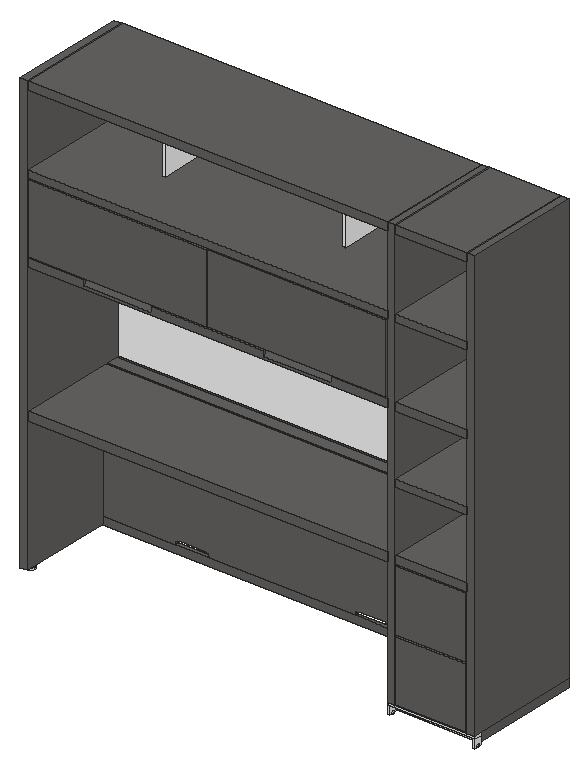
Revit family "Storage-Wall-Teknion-ZXRO_90_High_With_Lights-R2011", category Furniture Systems, Revit 2013
Parameters (values of type "(See Type Catalog)")
  Working Wall Finish [instance] = Glass - Teknion - K6 - White Backpainted
  Width = 92.642"
  Warranty = "http://www.teknionstudio.com/pdfs/Teknion%20Studio%20Warranty.pdf"
  Wall Unit Finish [instance] = Veneer - Teknion - P7 - Grey Oak
  Voltage = 120 V
  Unit Weight = 755.00 lbf
  URL = "www.teknionstudio.com"
  Storage Tower = Storage-Unit-Teknion-Tower : Upper Shelves & File/File Pedestal
  Series = "B&B Italia"
  Product Page URL = "http://www.teknionstudio.com/acexecutive/"
  Product Line = "AC Executive"
  Product Documentation Link = "http://www.teknionstudio.com/pricing/ac_executive_storage_walls_ppg.pdf"
  Power Factor = 1
  Part Number = "ZXRO"
  Number of Poles = 1
  Model = ""
  Manufacturer Phone = "919-464-2920"
  Manufacturer Fax = "919-464-2927"
  Manufacturer Email = "customersupport@teknionstudio.com"
  Manufacturer Address = "3940 US 70 Business HWY West, Clayton, NC 27520"
  Manufacturer = "Teknion Studio"  # constant formula
  Low Emitting Material = yes
  Low Emitting Finish = yes
  Height = 90"
  Description = ""
  Depth = 24"
  Assembly Code = "E2020200"
  Apparent Load = 22.8 VA
Reference planes (in)
  plane 1 "Center F/B": y = 0
  plane 2: z = 0
  plane 3 "Center L/R": x = 0
  plane 4 "Left": x = -46.321
  plane 5 "Right": x = 46.321
  plane 6 "Back": y = 12
  plane 7 "Front": y = -12
  plane 8 "Top": z = 73.84375
  plane 9: x = 28.60446
  plane 10: z = 29.68402
  plane 11: z = 56.1289
  plane 12: x = -44.7815
  plane 13: z = 2.1289
  plane 14: x = -8.08858
  plane 15 "Foot Centerline": y = -11.2126
  plane 16 "Foot Centerline Front": y = -10.22835
  plane 17 "Foot Centerline Back": y = 10.22835
  plane 18: y = -8.484
  plane 19: z = 90
Forms (in)
  Sweep 1, solid, material "Veneer - Teknion - P7 - Grey Oak" <- "Wall Unit Finish"
    path origin (0, 0, 15.40683) x (-1, 0, 0) y (0, -1, 0)
      loop
        line (0, -12) -> (0, 12)
    profile origin (0, 0, 15.40683) x (1, 0, 0) y (0, 0, 1)
      loop
        line (-46.321, -14.81732) -> (-44.7815, -14.81732) -> (-44.7815, 74.59317) -> (-46.321, 74.59317) -> (-46.321, -14.81732)
  Sweep 2, solid, material "Veneer - Teknion - P7 - Grey Oak" <- "Wall Unit Finish"
    path origin (0, 0, 0) x (1, 0, 0) y (0, 0, 1)
      loop
        line (-44.7815, 29.68402) -> (28.60446, 29.68402)
    profile origin (-8.08852, 0, 29.68402) x (0, 0, 1) y (0, -1, 0)
      loop
        line (0, 12) -> (-1.7638, 12) -> (-1.7638, -7.11393) -> (-5.30827, -7.11393) -> (-5.30827, -7.08268) -> (-27.55512, -7.08268) -> (-27.55512, -7.11393) -> (-29.0945, -7.11393) -> (-29.0945, -7.80668) -> (-5.30828, -7.80668) -> (-5.30828, -12) -> (44.15973, -12) -> (44.15973, 12) -> (42.62003, 12) -> (42.62003, 11.2126) -> (27.98392, 11.2126) -> (27.98392, 12) -> (26.44488, 12) -> (26.44488, -10.94094) -> (0, -10.94094) -> (0, -10.90969) -> (-0.72441, -10.90969) -> (-0.72441, -10.56693) -> (0, -10.56693) -> (0, -8.05709) -> (-0.72441, -8.05709) -> (-0.72441, -7.80709) -> (0, -7.80709) -> (0, 12)
      loop
        line (60.31598, 12) -> (58.77661, 12) -> (58.77661, -12) -> (60.31598, -12) -> (60.31598, 12)
  Sweep 3, solid, material "Veneer - Teknion - P7 - Grey Oak" <- "Wall Unit Finish"
    path origin (0, 0, 15.40683) x (-1, 0, 0) y (0, -1, 0)
      loop
        line (0, 12) -> (0, 11.276)
    profile origin (0, -11.638, 15.40683) x (-1, 0, 0) y (0, 0, 1)
      loop
        line (44.5315, 42.54092) -> (44.5315, 56.64722) -> (8.21358, 56.64722) -> (8.21358, 42.54092) -> (44.5315, 42.54092)
      loop
        line (7.96358, 56.64722) -> (-28.35446, 56.64722) -> (-28.35446, 42.54092) -> (7.96358, 42.54092) -> (7.96358, 56.64722)
  Sweep 4, void
    path origin (0, 0, 0) x (1, 0, 0) y (0, 0, 1)
      loop
        line (-33.3248, 56.1289) -> (-19.54528, 56.1289)
    profile origin (-26.43504, 0, 56.1289) x (0, 0, 1) y (0, -1, 0)
      loop
        line (1.53937, 12) -> (0.43699, 12) -> (1.53937, 11.52755) -> (1.53937, 12)
  Sweep 5, void
    path origin (0, 0, 0) x (1, 0, 0) y (0, 0, 1)
      loop
        line (3.36811, 56.1289) -> (17.14764, 56.1289)
    profile origin (10.25787, 0, 56.1289) x (0, 0, 1) y (0, -1, 0)
      loop
        line (1.53937, 11.52755) -> (1.53937, 12) -> (0.43699, 12) -> (1.53937, 11.52755)
  Sweep 6, void
    path origin (0, 0, 15.40683) x (-1, 0, 0) y (0, -1, 0)
      loop
        line (0, -7.80668) -> (0, -7.08268)
    profile origin (0, 7.44468, 15.40683) x (1, 0, 0) y (0, 0, 1)
      loop
        line (13.68307, 8.96892) -> (6.79331, 8.96892) -> (6.79331, 8.10396)
        arc (6.79331, 8.10396) -> (7.02393, 7.54718) -> (7.58071, 7.31655) r 0.7874
        line (7.58071, 7.31655) -> (12.89567, 7.31655)
        arc (12.89567, 7.31655) -> (13.45245, 7.54718) -> (13.68307, 8.10396) r 0.7874
        line (13.68307, 8.10396) -> (13.68307, 8.96892)
      loop
        line (6.79331, -13.27793) -> (13.68307, -13.27793) -> (13.68307, -13.12045)
        arc (13.68307, -13.12045) -> (13.46398, -12.59152) -> (12.93504, -12.37242) r 0.74803
        line (12.93504, -12.37242) -> (7.54134, -12.37242)
        arc (7.54134, -12.37242) -> (7.0124, -12.59152) -> (6.79331, -13.12045) r 0.74803
        line (6.79331, -13.12045) -> (6.79331, -13.27793)
      loop
        line (-29.86024, 8.96892) -> (-29.86024, 8.10396)
        arc (-29.86024, 8.10396) -> (-29.62961, 7.54718) -> (-29.07283, 7.31655) r 0.7874
        line (-29.07283, 7.31655) -> (-23.75787, 7.31655)
        arc (-23.75787, 7.31655) -> (-23.2011, 7.54718) -> (-22.97047, 8.10396) r 0.7874
        line (-22.97047, 8.10396) -> (-22.97047, 8.96892) -> (-29.86024, 8.96892)
      loop
        line (-22.97047, -13.27793) -> (-22.97047, -13.12045)
        arc (-22.97047, -13.12045) -> (-23.18957, -12.59152) -> (-23.7185, -12.37242) r 0.74803
        line (-23.7185, -12.37242) -> (-29.1122, -12.37242)
        arc (-29.1122, -12.37242) -> (-29.64114, -12.59152) -> (-29.86024, -13.12045) r 0.74803
        line (-29.86024, -13.12045) -> (-29.86024, -13.27793) -> (-22.97047, -13.27793)
  Revolve 7, solid, material "Metal - Teknion - C6 - Chrome"
    sketch origin (0, -10.22835, 0) x (0, 0, 1) y (1, 0, 0)
      loop
        line (0, -45.55118) -> (0, -46.28917) -> (0.23622, -46.28917) -> (0.23622, -45.83352) -> (0.58951, -45.83352) -> (0.58951, -45.55118) -> (0, -45.55118)
      axis (0, -45.55118) -> (0.58951, -45.55118)
    angle from 0 to 360
  Revolve 8, solid, material "Metal - Teknion - C6 - Chrome"
    sketch origin (0, 10.22835, 0) x (0, 0, 1) y (1, 0, 0)
      loop
        line (0, -45.55118) -> (0, -46.28917) -> (0.23622, -46.28917) -> (0.23622, -45.83352) -> (0.58951, -45.83352) -> (0.58951, -45.55118) -> (0, -45.55118)
      axis (0, -45.55118) -> (0.58951, -45.55118)
    angle from 0 to 360
  Sweep 9, solid, material "Acrylic - Teknion - Clear"
    path origin (1.66728, 0, 16.32084) x (-1, 0, 0) y (0, -1, 0)
      loop
        line (1.66728, -11.25197) -> (1.66728, 0.16535)
    profile origin (0, 5.54331, 16.32084) x (1, 0, 0) y (0, 0, 1)
      loop
        line (-26.74557, 72.12961) -> (-26.74557, 57.52291) -> (-26.15108, 57.52291) -> (-26.15108, 72.12961) -> (-26.74557, 72.12961)
      loop
        line (9.97392, 72.12961) -> (9.97392, 57.52291) -> (10.56841, 57.52291) -> (10.56841, 72.12961) -> (9.97392, 72.12961)
Cuts and joins
  Sweep 4, Sweep 5, Sweep 6 cuts Sweep 2
Lines and regions (in)
  Masking region 1
    outline origin (0, 0, 15.40683) x (-1, 0, 0) y (0, -1, 0)
      loop
        line (46.321, -12) -> (46.321, 12) -> (-28.60446, 12) -> (-28.60446, -12) -> (46.321, -12)
  symbolic lines, style "Elevation Swing"
    curve 1: line (-44.7815, -12, 57.66827) -> (-26.43504, -12, 72.05405)
    curve 2: line (-8.08858, -12, 57.66832) -> (-26.43504, -12, 72.05405)
    curve 3: line (-8.08858, 0, 57.66832) -> (10.25794, 0, 72.22564)
    curve 4: line (10.25794, 0, 72.22564) -> (28.60446, 0, 57.66827)
  symbolic lines, detail levels medium+fine
    curve 5: line (-44.7815, 12, 15.40683) -> (-44.7815, -12, 15.40683)
  symbolic lines, style "FurnitureSystemsHiddenLines", detail levels fine
    curve 6: line (28.60446, -11.276, 15.40683) -> (-44.7815, -11.276, 15.40683)
Dimensions and locks (in)
  equal spacing: plane 4 "Left", plane 3 "Center L/R", plane 5 "Right"
  "Width": plane 4 "Left" to plane 5 "Right"
  equal spacing: plane 6 "Back", plane 1 "Center F/B", plane 7 "Front"
  "Depth": plane 6 "Back" to plane 7 "Front"
  locked: plane 9 to plane 5 "Right" at 17.71654
  locked: plane 10 to plane 2 at 29.68402
  locked: plane 11 to plane 10 at 26.44488
  locked: plane 13 to plane 2 at 2.1289
  locked: plane 7 "Front" to plane 15 "Foot Centerline" at 0.7874
  locked: plane 13 to Sweep 2 sketch curve at 1.53939
  locked: plane 10 to Sweep 2 sketch curve at 1.7638
  locked: Sweep 1 sketch curve to plane 2 at 0.58951
  locked: plane 14 to plane 3 "Center L/R" at 8.08858
  locked: plane 7 "Front" to Sweep 3 sketch curve at 0.724
  plane 8 "Top" to Sweep 3 sketch curve to Sweep 3 sketch curve = 1.7897", 14.1063"  (x2)
  Sweep 3 sketch curve to plane 3 "Center L/R" to Sweep 3 sketch curve to Sweep 3 sketch curve to Sweep 3 sketch curve = 28.35446", 7.96358", 1/4", 36.31791"
  Sweep 4 sketch curve to Sweep 4 sketch curve to plane 4 "Left" = 13.77953" locked, 12.9962" locked
  locked: Sweep 4 sketch curve to plane 11 at 1.53937
  locked: Sweep 4 sketch curve to plane 11 at 0.43699
  locked: plane 7 "Front" to Sweep 4 sketch curve at 0.47245
  Sweep 5 sketch curve to Sweep 5 sketch curve to plane 11 = 1.10238" locked, 0.43699" locked
  locked: plane 7 "Front" to Sweep 5 sketch curve at 0.47245
  locked: Sweep 6 sketch curve to plane 13 at 0.90551  (x2)
  Sweep 6 sketch curve to Sweep 6 sketch curve to plane 3 "Center L/R" = 6.88976" locked, 6.79331" locked  (x2)
  plane 10 to Sweep 6 sketch curve to Sweep 6 sketch curve = 5.30827" locked, 1 167/256" locked  (x2)
  plane 6 "Back" to Sweep 6 sketch curve to Sweep 6 sketch curve = 4.19332" locked, 0.724" locked
  locked: Revolve 7 sketch curve to plane 4 "Left" at 0.76982
  Revolve 7 sketch curve to Revolve 7 sketch curve to plane 2 = 0.35329" locked, 0.23622" locked
  locked: Revolve 7 sketch curve to plane 4 "Left" at 0.03183
  locked: Revolve 8 sketch curve to plane 4 "Left" at 0.76982
  Revolve 8 sketch curve to Revolve 8 sketch curve to plane 2 = 0.35329" locked, 0.23622" locked
  locked: Revolve 8 sketch curve to plane 4 "Left" at 0.03183
  equal spacing: plane 14, curve 2, plane 12
  equal spacing: plane 9, curve 4, plane 14
  locked: plane 7 "Front" to curve 6 at 0.724
  locked: plane 6 "Back" to plane 17 "Foot Centerline Back" at 1.77165
  locked: plane 7 "Front" to plane 16 "Foot Centerline Front" at 1.77165
  locked: plane 4 "Left" to plane 12 at 1.5395
  locked: plane 7 "Front" to plane 18 at 3.516
  locked: Sweep 6 sketch curve to Sweep 6 sketch curve at 6.88976  (x2)
  locked: Sweep 6 sketch curve to plane 3 "Center L/R" at 22.97047
  locked: plane 3 "Center L/R" to Sweep 6 sketch curve at 22.97047
  locked: plane 19 to plane 8 "Top" at 16.15625
  "Height": plane 19 to plane 2
  locked: Sweep 9 sketch curve to Sweep 9 sketch curve at 11.41732
  locked: Sweep 9 sketch curve to Sweep 9 sketch curve at 0.59449  (x2)
  locked: plane 6 "Back" to Sweep 9 sketch curve at 0.74803
  locked: Sweep 9 sketch curve to plane 14 at 18.0625
  equal spacing: Sweep 9 sketch curve, plane 14, Sweep 9 sketch curve
  locked: plane 19 to Sweep 2 sketch curve at 1.53937
  locked: plane 8 "Top" to Sweep 2 sketch curve at 1.5397
  locked: Sweep 2 sketch curve to plane 11 at 1.53904
  aligned and locked: level to plane 2
  aligned and locked: nested 1 to plane 5 "Right"
  aligned and locked: plane 6 "Back" to Sweep 1 sketch curve
  aligned and locked: plane 7 "Front" to Sweep 1 sketch curve
  aligned and locked: Sweep 1 sketch curve to plane 3 "Center L/R"
  aligned and locked: plane 4 "Left" to Sweep 1 sketch curve  (x2)
  aligned and locked: plane 12 to Sweep 2 sketch curve
  aligned and locked: plane 9 to Sweep 2 sketch curve
  aligned and locked: Sweep 2 sketch curve to plane 10  (x4)
  aligned and locked: Sweep 2 sketch curve to plane 7 "Front"
  aligned and locked: plane 6 "Back" to Sweep 2 sketch curve
  aligned and locked: plane 3 "Center L/R" to Sweep 3 sketch curve
  aligned and locked: plane 7 "Front" to Sweep 3 sketch curve
  aligned and locked: Sweep 2 sketch curve to plane 11
  aligned and locked: Sweep 4 sketch curve to plane 11
  aligned and locked: Sweep 5 sketch curve to plane 11
  aligned and locked: Sweep 5 sketch curve to plane 7 "Front"
  aligned and locked: Sweep 6 sketch curve to plane 3 "Center L/R"
  aligned and locked: Sweep 6 sketch curve to plane 13
  aligned and locked: plane 2 to Revolve 7 sketch curve
  aligned and locked: Revolve 8 sketch curve to plane 2
  aligned and locked: plane 12 to curve 1
  aligned and locked: plane 14 to curve 2
  aligned and locked: Sweep 3 to curve 2
  aligned and locked: plane 9 to curve 4
  aligned and locked: plane 14 to curve 3
  aligned and locked: Masking region 1 sketch curve to plane 6 "Back"
  aligned and locked: plane 4 "Left" to Masking region 1 sketch curve
  aligned and locked: Masking region 1 sketch curve to plane 7 "Front"
  aligned and locked: Masking region 1 sketch curve to nested 1
  aligned and locked: plane 6 "Back" to curve 5
  aligned and locked: plane 7 "Front" to curve 5
  aligned and locked: curve 5 to plane 12
  aligned and locked: plane 9 to curve 6
  aligned and locked: plane 7 "Front" to Sweep 4 sketch curve
  aligned and locked: Sweep 2 sketch curve to plane 8 "Top"
  aligned and locked: plane 15 "Foot Centerline" to Sweep 2 sketch curve
  aligned and locked: plane 7 "Front" to Sweep 2 sketch curve  (x3)
  aligned and locked: plane 2 to nested 1
  aligned and locked: plane 1 "Center F/B" to nested 1
  aligned: plane 11 to nested 2
  aligned: plane 14 to nested 2
  aligned and locked: nested 2 to plane 18
  aligned and locked: plane 11 to nested 2
  aligned and locked: plane 14 to nested 2
  aligned and locked: plane 13 to Sweep 6 sketch curve
  aligned and locked: Sweep 9 sketch curve to plane 3 "Center L/R"
  aligned and locked: plane 8 "Top" to Sweep 9 sketch curve  (x2)
  aligned and locked: Sweep 2 sketch curve to plane 6 "Back"
  aligned and locked: plane 19 to Sweep 2 sketch curve
  aligned and locked: Sweep 1 sketch curve to plane 19
Automatic sketch dimensions
  Sweep 1 sketch curve to Sweep 1 sketch curve = 1.5395"
  plane 3 "Center L/R" to Sweep 5 sketch curve = 3.36811"
  Sweep 5 sketch curve to plane 9 = 11.45683"
  Revolve 7 sketch curve to level = 0"
  Revolve 7 sketch curve to Revolve 7 sketch curve = 0"  (x2)
  Revolve 7 sketch curve to Revolve 7 sketch curve = 0.28234"
  Revolve 8 sketch curve to level = 0"
  Revolve 8 sketch curve to Revolve 8 sketch curve = 0"  (x2)
  Revolve 8 sketch curve to Revolve 8 sketch curve = 0.28234"
  plane 11 to curve 2 = 1.53942"
  plane 11 to curve 1 = 1.53937"
  plane 11 to curve 4 = 1.53937"
  plane 11 to curve 3 = 1.53942"
  curve 3 to plane 8 "Top" = 1.61811"
  Sweep 6 sketch curve to Sweep 6 sketch curve = 0.7874"  (x4)
  Sweep 6 sketch curve to Sweep 6 sketch curve = 0.74803"  (x3)
  Sweep 6 sketch curve to Sweep 6 sketch curve = 0.15748"
  Sweep 9 sketch curve to Sweep 9 sketch curve = 14.60669"  (x2)
  Sweep 2 sketch curve to Sweep 2 sketch curve = 1.53939"
  Sweep 2 sketch curve to Sweep 2 sketch curve = 3.54449"
  Sweep 2 sketch curve to Sweep 2 sketch curve = 0"
  profile plane to Sweep 2 sketch curve = 0.72441"  (x2)
  Sweep 2 sketch curve to plane 1 "Center F/B" = 10.94094"
  Sweep 2 sketch curve to Sweep 2 sketch curve = 1/32"  (x2)
  Sweep 2 sketch curve to Sweep 2 sketch curve = 0.34277"
  Sweep 2 sketch curve to Sweep 2 sketch curve = 2.50984"
  Sweep 2 sketch curve to Sweep 2 sketch curve = 1/4"
  Sweep 2 sketch curve to Sweep 2 sketch curve = 4.19332"
  Sweep 2 sketch curve to Sweep 2 sketch curve = 0.69316"
  Sweep 2 sketch curve to Sweep 2 sketch curve = 0.69275"
Nested families (in)
  nested 1: "Storage-Unit-Teknion-Tower" at (37.46273, 0, 0), type <- "Storage Tower", Height <- "Height", type "Upper Shelves & File/File Pedestal"
    with Height 90", Has Top Shelf yes, Bottom Drawer Height 13.047"
  nested 2: "Lighting-Teknion-Storage_Wall" at (-8.08858, 0.12401, 56.1289), type "Lighting-Teknion-Storage_Wall"
Connectors (in)
  electrical at (-8.08852, 12, 49.10974), driven by "Number of Poles", driven by "Voltage", driven by "Apparent Load", driven by "Power Factor"
    settings: on cut or joined group of Sweep 2, Sweep 4, Sweep 5, Sweep 6, index 1, voltage 120 V, apparent load 0 VA, apparent load phase1 22.8 VA, apparent load phase2 0 VA, apparent load phase3 0 VA, power factor 1, load classification "Other", number of poles 1, system type 31, power factor state 1, is connector primary yes, connector utility no, sub classification motor no, connector description "Electrical Connector"
Definition of nested family "Storage-Unit-Teknion-Tower"
  Parameters (values of type "Upper Wardrobe & Lower Door")
    Width = 17.71654"
    Warranty = "http://www.teknionstudio.com/pdfs/Teknion%20Studio%20Warranty.pdf"
    Wall Unit Finish = Veneer - Teknion - P8 - Light Brushed Oak
    URL = "www.teknionstudio.com"
    Series = "B&B Italia"
    Product Line = "AC Executive"
    Model = ""
    Middle Drawer Height = if(Has Top Drawer, 6.425", 12.719")  # 12.719"
    Manufacturer Phone = "919-464-2920"
    Manufacturer Fax = "919-464-2927"
    Manufacturer Email = "customersupport@teknionstudio.com"
    Manufacturer Address = "3940 US 70 Business HWY West, Clayton, NC 27520"
    Manufacturer = "Teknion Studio"  # constant formula
    Height [instance] = 73.81394"
    Has Top Shelf [instance] = and(Height > 75", Has Shelves)  # no
    Has Top Drawer = no
    Has Top Door = yes
    Has Shelves = no
    Has Right Leg = yes
    Has Middle Drawer = no
    Has Lower Shelf = yes
    Has Left Leg = yes
    Has Full Wardrobe Door = no
    Has Doors = yes
    Door Projection Symbol = yes
    Description = "Tower Storage Unit"
    Depth = 24"
    Bottom Drawer Height [instance] = if(Has Middle Drawer, 13.047", if(Has Top Drawer, 13.047", if(Has Full Wardrobe Door, (Height - 3.668"), 26.016")))  # 26.016"
    Assembly Code = "E2010200"
  Types (7): name | Wall Unit Finish | Series | Product Line | Middle Drawer Height | Has Top Drawer | Has Top Door | Has Shelves | Has Middle Drawer | Has Lower Shelf | Has Full Wardrobe Door | Has Doors | Door Projection Symbol | Bottom Drawer Height
    Upper Shelves & Lower Door | none | "AC Executive" | "" | 12.719" | no | no | yes | no | yes | no | yes | yes | 26.016"
    Upper Shelves & File/File Pedestal | none | "AC Executive" | "" | 12.719" | no | no | yes | yes | yes | no | no | no | 13.047"
    Upper Shelves & Box/Box/File Pedestal | Veneer - Teknion - P8 - Light Brushed Oak | "AC Executive" | "" | 6.425" | yes | no | yes | yes | yes | yes | no | no | 13.047"
    Full Wardrobe | none | "AC Executive" | "" | 12.719" | no | no | no | no | no | yes | yes | yes | 70.14594"
    Upper Wardrobe & Lower Door | Veneer - Teknion - P8 - Light Brushed Oak | "B&B Italia" | "AC Executive" | 12.719" | no | yes | no | no | yes | no | yes | yes | 26.016"
    Upper Wardrobe & File/File Pedestal | none | "AC Executive" | "" | 12.719" | no | yes | no | yes | yes | no | no | yes | 13.047"
    Upper Wardrobe & Box/Box/File Pedestal | none | "AC Executive" | "" | 6.425" | yes | yes | no | yes | yes | no | no | yes | 13.047"
  Reference planes (in)
    plane 1 "Center F/B": y = 0
    plane 2: z = 0
    plane 3 "Center L/R": x = 0
    plane 4 "Left": x = -8.85827
    plane 5 "Right": x = 8.85827
    plane 6 "Back": y = 12
    plane 7 "Front": y = -12
    plane 8 "Top": z = 73.81394
    plane 9: x = -7.3189
    plane 10: x = 7.3189
    plane 11: z = 2.1289
    plane 12 "Foot Centerline": y = -11.2126
    plane 13: z = 29.68402
    plane 14 "Drawer 1 Top": z = 28.1449
    plane 15 "Drawer 2 Top": z = 40.8639
    plane 16 "Drawer 3 Top": z = 27.89502
    plane 17: z = 42.13677
  Forms (in)
    Sweep 1, solid, material "Metal - Teknion - C6 - Chrome", visible <- "Has Left Leg"
      path origin (0, -12, 0) x (1, 0, 0) y (0, 0, 1)
        loop
          line (-8.85827, 1.7349) -> (-8.85827, 0.05803)
      profile origin (-8.85827, -12, 0.89646) x (0, -1, 0) y (1, 0, 0)
        loop
          line (-1.5748, 0) -> (0, 0) -> (0, 0.394) -> (-1.5748, 0.394) -> (-1.5748, 0)
    Sweep 2, solid, material "Metal - Teknion - C6 - Chrome"
      path origin (0, -12, 0) x (1, 0, 0) y (0, 0, 1)
        loop
          line (-8.46427, 2.1289) -> (8.46427, 2.1289)
      profile origin (0, -12, 2.1289) x (0, 0, 1) y (0, -1, 0)
        loop
          line (-0.394, -1.5748) -> (-0.394, -1.3778) -> (-1.575, -1.3778) -> (-1.575, -1.5748) -> (-0.394, -1.5748)
    Revolve 3, solid, material "Metal - Teknion - C6 - Chrome"
      sketch origin (0, -11.2126, 0) x (0, 0, -1) y (1, 0, 0)
        loop
          line (-0.4911, 8.32677) -> (-0.45173, 8.2874) -> (-0.28492, 8.2874) -> (-0.24555, 8.32677) -> (-0.20618, 8.2874) -> (-0.03937, 8.2874) -> (0, 8.32677) -> (0, 8.66142) -> (-0.4911, 8.66142) -> (-0.4911, 8.32677)
        axis (0, 8.66142) -> (-0.4911, 8.66142)
      angle from 0 to 360
    Revolve 4, solid, material "Metal - Teknion - C6 - Chrome", visible <- "Has Left Leg"
      sketch origin (0, -11.2126, 0) x (0, 0, -1) y (1, 0, 0)
        loop
          line (0, -8.99606) -> (0, -8.66142) -> (-0.4911, -8.66142) -> (-0.4911, -8.99606) -> (-0.45173, -9.03543) -> (-0.28492, -9.03543) -> (-0.24555, -8.99606) -> (-0.20618, -9.03543) -> (-0.03937, -9.03543) -> (0, -8.99606)
        axis (0, -8.66142) -> (-0.4911, -8.66142)
      angle from 0 to 360
    Sweep 5, solid, material "Veneer - Teknion - P8 - Light Brushed Oak" <- "Wall Unit Finish"
      path origin (0, 0, 0) x (1, 0, 0) y (0, 0, 1)
        loop
          line (0, 2.1289) -> (0, 73.81394)
      profile origin (0, 0, 37.97142) x (-1, 0, 0) y (0, -1, 0)
        loop
          line (8.85827, -12) -> (8.85827, 12) -> (7.3189, 12) -> (7.3189, -12) -> (8.85827, -12)
        loop
          line (-7.3189, 12) -> (-8.85827, 12) -> (-8.85827, -12) -> (-7.3189, -12) -> (-7.3189, 12)
    Sweep 6, solid, material "Veneer - Teknion - P8 - Light Brushed Oak" <- "Wall Unit Finish"
      path origin (0, 0, 15.40683) x (-1, 0, 0) y (0, -1, 0)
        loop
          line (0, -12) -> (0, 12)
      profile origin (0, 0, 15.40683) x (1, 0, 0) y (0, 0, 1)
        loop
          line (-7.3189, 58.4071) -> (-7.3189, 56.86773) -> (7.3189, 56.86773) -> (7.3189, 58.4071) -> (-7.3189, 58.4071)
    Sweep 7, solid, material "Veneer - Teknion - P8 - Light Brushed Oak" <- "Wall Unit Finish"
      path origin (0, -12, 0) x (1, 0, 0) y (0, 0, 1)
        loop
          line (0, 2.1289) -> (0, 72.27457)
      profile origin (0, -12, 37.20173) x (-1, 0, 0) y (0, -1, 0)
        loop
          line (7.3189, -24) -> (7.3189, -23.25) -> (-7.3189, -23.25) -> (-7.3189, -24) -> (7.3189, -24)
    Sweep 8, solid, material "Veneer - Teknion - P8 - Light Brushed Oak" <- "Wall Unit Finish", visible <- "Has Lower Shelf"
      path origin (0, -12, 0) x (1, 0, 0) y (0, 0, 1)
        loop
          line (-7.3189, 29.68402) -> (7.3189, 29.68402)
      profile origin (0, -12, 29.68402) x (0, 0, 1) y (0, -1, 0)
        loop
          line (0, 0) -> (-1.539, 0) -> (-1.539, -0.724) -> (-27.55512, -0.724) -> (-27.55512, -23.25) -> (0, -23.25) -> (0, 0)
    Sweep 9, solid, material "Veneer - Teknion - P8 - Light Brushed Oak" <- "Wall Unit Finish"
      path origin (0, -12, 0) x (1, 0, 0) y (0, 0, 1)
        loop
          line (0, 2.3789) -> (0, 27.8949)
      profile origin (0, -12, 15.1369) x (-1, 0, 0) y (0, -1, 0)
        loop
          line (7.0689, -0.724) -> (7.0689, 0) -> (-7.0689, 0) -> (-7.0689, -0.724) -> (7.0689, -0.724)
    Sweep 10, solid, material "Veneer - Teknion - P8 - Light Brushed Oak" <- "Wall Unit Finish", visible <- "Has Middle Drawer"
      path origin (0, -12, 0) x (1, 0, 0) y (0, 0, 1)
        loop
          line (0, 28.1449) -> (0, 40.8639)
      profile origin (0, -12, 34.5044) x (-1, 0, 0) y (0, -1, 0)
        loop
          line (7.0689, -0.724) -> (7.0689, 0) -> (-7.0689, 0) -> (-7.0689, -0.724) -> (7.0689, -0.724)
    Sweep 11, solid, material "Veneer - Teknion - P8 - Light Brushed Oak" <- "Wall Unit Finish", visible <- "Has Top Drawer"
      path origin (0, -12, 0) x (1, 0, 0) y (0, 0, 1)
        loop
          line (0, 47.15802) -> (0, 41.1139)
      profile origin (0, -12, 44.13596) x (0, -1, 0) y (1, 0, 0)
        loop
          line (0, 7.0689) -> (-0.724, 7.0689) -> (-0.724, -7.0689) -> (0, -7.0689) -> (0, 7.0689)
    Sweep 12, solid, material "Veneer - Teknion - P8 - Light Brushed Oak" <- "Wall Unit Finish", visible <- "Has Shelves"
      path origin (0, -12, 0) x (1, 0, 0) y (0, 0, 1)
        loop
          line (0, 42.13677) -> (0, 43.67614)
      profile origin (0, -12, 42.90646) x (-1, 0, 0) y (0, -1, 0)
        loop
          line (7.3189, -23.25) -> (7.3189, 0) -> (-7.3189, 0) -> (-7.3189, -23.25) -> (7.3189, -23.25)
    Sweep 13, solid, material "Veneer - Teknion - P8 - Light Brushed Oak" <- "Wall Unit Finish", visible <- "Has Shelves"
      path origin (0, -12, 13.9918) x (1, 0, 0) y (0, 0, 1)
        loop
          line (0, 42.13677) -> (0, 43.67614)
      profile origin (0, -12, 56.89825) x (-1, 0, 0) y (0, -1, 0)
        loop
          line (7.3189, -23.25) -> (7.3189, 0) -> (-7.3189, 0) -> (-7.3189, -23.25) -> (7.3189, -23.25)
    Sweep 14, solid, material "Veneer - Teknion - P8 - Light Brushed Oak" <- "Wall Unit Finish", visible <- "Has Top Door"
      path origin (0, -12, 0) x (1, 0, 0) y (0, 0, 1)
        loop
          line (0, 29.93402) -> (0, 72.02457)
      profile origin (0, -12, 50.97929) x (-1, 0, 0) y (0, -1, 0)
        loop
          line (7.0689, -0.724) -> (7.0689, 0) -> (-7.0689, 0) -> (-7.0689, -0.724) -> (7.0689, -0.724)
    Sweep 15, solid, material "Veneer - Teknion - P8 - Light Brushed Oak" <- "Wall Unit Finish"
      path origin (0, -12, 0) x (1, 0, 0) y (0, 0, 1)
        loop
          line (-8.85827, 2.1289) -> (8.85827, 2.1289)
      profile origin (0, -12, 2.1289) x (0, 0, 1) y (0, -1, 0)
        loop
          line (0, -1.5748) -> (-1.53937, -1.5748) -> (-1.53937, -24) -> (0, -24) -> (0, -1.5748)
    Sweep 16, solid, material "Veneer - Teknion - P8 - Light Brushed Oak" <- "Wall Unit Finish", visible <- "Has Top Shelf"
      path origin (0, 0, 0) x (1, 0, 0) y (0, 0, 1)
        loop
          line (0, 73.81394) -> (0, 72.27457)
      profile origin (0, 0, 73.04425) x (0, -1, 0) y (1, 0, 0)
        loop
          line (-11.25, -7.3189) -> (12, -7.3189) -> (12, 7.3189) -> (-11.25, 7.3189) -> (-11.25, -7.3189)
    Sweep 17, solid, material "Metal - Teknion - C6 - Chrome"
      path origin (0, 0, 0) x (1, 0, 0) y (0, 0, 1)
        loop
          line (-8.85827, 2.1289) -> (8.85827, 2.1289)
      profile origin (0, 0, 2.1289) x (0, 0, 1) y (0, -1, 0)
        loop
          line (0, 10.4252) -> (0, 12) -> (-0.394, 12) -> (-0.394, 10.4252) -> (0, 10.4252)
    Sweep 18, solid, material "Metal - Teknion - C6 - Chrome"
      path origin (0, 0, 0) x (1, 0, 0) y (0, 0, 1)
        loop
          line (8.85827, 1.7349) -> (8.85827, 0.05803)
      profile origin (8.85827, 0, 0.89646) x (0, -1, 0) y (1, 0, 0)
        loop
          line (10.4252, -0.394) -> (12, -0.394) -> (12, 0) -> (10.4252, 0) -> (10.4252, -0.394)
  Lines and regions (in)
    Masking region 1
      outline origin (0, 0, 15.40683) x (-1, 0, 0) y (0, -1, 0)
        loop
          line (8.85827, -12) -> (8.85827, 12) -> (-8.85827, 12) -> (-8.85827, -12) -> (8.85827, -12)
    symbolic lines, style "FurnitureSystems", detail levels medium+fine
      curve 1: line (-7.3189, 12, 15.40683) -> (-7.3189, -12, 15.40683)
      curve 2: line (7.3189, 12, 15.40683) -> (7.3189, -12, 15.40683)
    symbolic lines, style "FurnitureSystemsHiddenLines", detail levels fine
      curve 3: line (-7.3189, -11.276, 15.40683) -> (7.3189, -11.276, 15.40683)
    symbolic lines, style "Elevation Swing", visible <- "Has Doors"
      curve 4: line (-7.3189, -12, 2.1289) -> (7.3189, -12, 15.1369)
      curve 5: line (7.3189, -12, 15.1369) -> (-7.3189, -12, 28.1449)
    symbolic lines, style "Elevation Swing", visible <- "Has Top Door"
      curve 6: line (-7.3189, -12, 29.68402) -> (7.3189, -12, 50.97929)
      curve 7: line (7.3189, -12, 50.97929) -> (-7.3189, -12, 72.27457)
    symbolic lines, style "FurnitureSystems", visible <- "Door Projection Symbol"
      curve 8: arc (-7.3189, -12, 0) -> (-3.03159, -22.35048, 0) -> (7.3189, -26.6378, 0) r 14.6378
    symbolic lines, visible <- "Door Projection Symbol"
      curve 9: line (7.3189, -12, 15.40683) -> (7.3189, -26.6378, 15.40683)
  Dimensions and locks (in)
    equal spacing: plane 4 "Left", plane 3 "Center L/R", plane 5 "Right"
    "Width": plane 4 "Left" to plane 5 "Right"
    equal spacing: plane 6 "Back", plane 1 "Center F/B", plane 7 "Front"
    "Depth": plane 6 "Back" to plane 7 "Front"
    locked: plane 4 "Left" to plane 9 at 1.53937
    locked: plane 10 to plane 5 "Right" at 1.53937
    "Height": plane 8 "Top" to level
    locked: Sweep 1 sketch curve to level at 0.05803
    locked: plane 11 to plane 2 at 2.1289
    plane 11 to Sweep 2 sketch curve to Sweep 2 sketch curve = 0.394" locked, 1.181" locked
    plane 7 "Front" to Sweep 2 sketch curve to Sweep 2 sketch curve = 1.3778" locked, 0.197" locked
    locked: Revolve 3 sketch curve to plane 2 at 0.4911  (x2)
    locked: plane 5 "Right" to Revolve 3 sketch curve at 0.57087
    locked: plane 7 "Front" to plane 12 "Foot Centerline" at 0.7874
    Revolve 3 sketch curve to Revolve 3 sketch curve to Revolve 3 sketch curve to Revolve 3 sketch curve to plane 2 = 0.16681" locked, 0.07874" locked, 0.16681" locked, 0.03937" locked
    locked: Revolve 4 sketch curve to plane 2 at 0.4911  (x2)
    locked: Revolve 4 sketch curve to Revolve 4 sketch curve at 0.37402
    Revolve 4 sketch curve to Revolve 4 sketch curve to Revolve 4 sketch curve to Revolve 4 sketch curve to plane 2 = 0.16681" locked, 0.07874" locked, 0.16681" locked, 0.03937" locked
    locked: Revolve 4 sketch curve to plane 4 "Left" at 0.19685
    locked: plane 8 "Top" to Sweep 6 sketch curve at 1.53937
    locked: plane 8 "Top" to Sweep 7 sketch curve at 1.53937
    locked: plane 6 "Back" to Sweep 7 sketch curve at 0.75
    locked: plane 13 to plane 2 at 29.68402
    locked: plane 7 "Front" to Sweep 8 sketch curve at 0.724
    locked: plane 13 to Sweep 8 sketch curve at 1.539
    locked: plane 13 to plane 16 "Drawer 3 Top" at 1.789
    "Bottom Drawer Height": plane 14 "Drawer 1 Top" to plane 11
    "Middle Drawer Height": plane 15 "Drawer 2 Top" to plane 14 "Drawer 1 Top"
    locked: plane 14 "Drawer 1 Top" to Sweep 9 sketch curve at 0.25
    locked: plane 7 "Front" to Sweep 9 sketch curve at 0.724
    locked: Sweep 10 sketch curve to plane 12 "Foot Centerline" at 0.0634
    locked: plane 7 "Front" to Sweep 11 sketch curve at 0.724
    locked: plane 17 to plane 13 at 12.45276
    group 1 to group 2 = 0"  (x2)
    group 1 to group 2 = 13.9918"
    locked: Sweep 13 to plane 17 at 13.9918
    locked: plane 8 "Top" to Sweep 14 sketch curve at 1.78937
    locked: Sweep 14 sketch curve to plane 13 at 0.25
    locked: plane 7 "Front" to Sweep 14 sketch curve at 0.724
    locked: plane 11 to Sweep 15 sketch curve at 1.53937
    locked: plane 7 "Front" to Sweep 15 sketch curve at 1.5748
    equal spacing: Sweep 6, curve 7, plane 13
    equal spacing: plane 14 "Drawer 1 Top", curve 5, plane 11
    locked: plane 6 "Back" to Sweep 16 sketch curve at 0.75
    Sweep 16 sketch curve to Sweep 16 sketch curve to plane 2 = 1.53937" locked, 72.27457" locked
    locked: Sweep 9 sketch curve to plane 11 at 0.25
    locked: plane 9 to Sweep 9 sketch curve at 0.25
    locked: Sweep 9 sketch curve to plane 10 at 0.25
    locked: Sweep 11 sketch curve to plane 15 "Drawer 2 Top" at 0.25
    locked: plane 9 to Sweep 11 sketch curve at 0.25
    locked: Sweep 11 sketch curve to plane 10 at 0.25
    locked: Sweep 10 sketch curve to plane 10 at 0.25
    locked: plane 9 to Sweep 10 sketch curve at 0.25
    locked: Sweep 11 sketch curve to Sweep 11 sketch curve at 6.04412
    locked: Sweep 14 sketch curve to plane 10 at 0.25
    locked: plane 9 to Sweep 14 sketch curve at 0.25
    locked: plane 4 "Left" to Sweep 1 sketch curve at 0.394
    locked: plane 7 "Front" to Sweep 1 sketch curve at 1.5748
    locked: plane 11 to Sweep 1 sketch curve at 0.394
    locked: Sweep 17 sketch curve to plane 7 "Front" at 1.5748
    locked: plane 11 to Sweep 17 sketch curve at 0.394
    locked: Sweep 18 sketch curve to plane 2 at 0.05803
    locked: Sweep 18 sketch curve to plane 5 "Right" at 0.394
    locked: plane 7 "Front" to Sweep 18 sketch curve at 1.5748
    locked: plane 11 to Sweep 18 sketch curve at 0.394
    locked: plane 5 "Right" to Sweep 2 sketch curve at 0.394
    locked: Sweep 2 sketch curve to plane 4 "Left" at 0.394
    aligned and locked: level to plane 2
    aligned and locked: Sweep 1 sketch curve to plane 4 "Left"
    aligned and locked: Sweep 2 sketch curve to plane 11
    aligned and locked: plane 2 to Revolve 3 sketch curve
    aligned and locked: Revolve 3 sketch curve to plane 2
    aligned and locked: plane 2 to Revolve 4 sketch curve
    aligned and locked: Revolve 4 sketch curve to plane 2
    aligned and locked: plane 8 "Top" to Sweep 5 sketch curve
    aligned and locked: plane 11 to Sweep 5 sketch curve
    aligned and locked: plane 3 "Center L/R" to Sweep 5 sketch curve
    aligned and locked: Sweep 5 sketch curve to plane 6 "Back"
    aligned and locked: plane 6 "Back" to Sweep 5 sketch curve
    aligned and locked: Sweep 5 sketch curve to plane 10
    aligned and locked: plane 5 "Right" to Sweep 5 sketch curve
    aligned and locked: Sweep 5 sketch curve to plane 9
    aligned and locked: plane 4 "Left" to Sweep 5 sketch curve
    aligned and locked: Sweep 5 sketch curve to plane 7 "Front"
    aligned and locked: plane 7 "Front" to Sweep 5 sketch curve
    aligned and locked: plane 6 "Back" to Sweep 6 sketch curve
    aligned and locked: plane 7 "Front" to Sweep 6 sketch curve
    aligned and locked: Sweep 6 sketch curve to plane 3 "Center L/R"
    aligned and locked: plane 9 to Sweep 6 sketch curve
    aligned and locked: Sweep 6 sketch curve to plane 8 "Top"
    aligned and locked: Sweep 6 sketch curve to plane 10
    aligned and locked: plane 11 to Sweep 7 sketch curve
    aligned and locked: plane 3 "Center L/R" to Sweep 7 sketch curve
    aligned and locked: plane 9 to Sweep 7 sketch curve
    aligned and locked: Sweep 7 sketch curve to plane 10
    aligned and locked: Sweep 7 sketch curve to plane 6 "Back"
    aligned and locked: plane 9 to Sweep 8 sketch curve
    aligned and locked: plane 10 to Sweep 8 sketch curve
    aligned and locked: Sweep 8 sketch curve to plane 13  (x2)
    aligned and locked: plane 7 "Front" to Sweep 8 sketch curve
    aligned and locked: Sweep 8 sketch curve to plane 11
    aligned and locked: plane 3 "Center L/R" to Sweep 9 sketch curve
    aligned and locked: Sweep 9 sketch curve to plane 7 "Front"
    aligned and locked: plane 15 "Drawer 2 Top" to Sweep 10 sketch curve
    aligned and locked: plane 14 "Drawer 1 Top" to Sweep 10 sketch curve
    aligned and locked: plane 3 "Center L/R" to Sweep 10 sketch curve
    aligned and locked: plane 7 "Front" to Sweep 10 sketch curve
    aligned and locked: Sweep 11 sketch curve to plane 3 "Center L/R"
    aligned and locked: Sweep 11 sketch curve to plane 7 "Front"
    aligned and locked: Sweep 13 to plane 9
    aligned and locked: plane 3 "Center L/R" to Sweep 14 sketch curve
    aligned and locked: Sweep 14 sketch curve to plane 7 "Front"
    aligned and locked: plane 4 "Left" to Sweep 15 sketch curve
    aligned and locked: plane 5 "Right" to Sweep 15 sketch curve
    aligned and locked: Sweep 15 sketch curve to plane 11  (x2)
    aligned and locked: Sweep 15 sketch curve to plane 6 "Back"
    aligned and locked: plane 4 "Left" to Masking region 1 sketch curve
    aligned and locked: Masking region 1 sketch curve to plane 6 "Back"
    aligned and locked: Masking region 1 sketch curve to plane 5 "Right"
    aligned and locked: Masking region 1 sketch curve to plane 7 "Front"
    aligned and locked: plane 6 "Back" to curve 1
    aligned and locked: curve 1 to plane 9
    aligned and locked: plane 7 "Front" to curve 2
    aligned and locked: plane 6 "Back" to curve 2
    aligned and locked: curve 2 to plane 10
    aligned and locked: plane 9 to curve 3
    aligned and locked: plane 10 to curve 3
    aligned and locked: curve 3 to Sweep 14
    aligned and locked: plane 11 to curve 4
    aligned and locked: plane 9 to curve 4
    aligned and locked: plane 10 to curve 5
    aligned and locked: plane 9 to curve 5
    aligned and locked: plane 14 "Drawer 1 Top" to curve 5
    aligned and locked: plane 13 to curve 6
    aligned and locked: plane 9 to curve 6
    aligned and locked: plane 9 to curve 7
    aligned and locked: curve 7 to Sweep 6
    aligned and locked: plane 7 "Front" to curve 8
    aligned and locked: curve 8 to plane 10
    aligned and locked: Sweep 16 sketch curve to plane 3 "Center L/R"
    aligned and locked: plane 9 to Sweep 16 sketch curve
    aligned and locked: Sweep 16 sketch curve to plane 10
    aligned and locked: Sweep 16 sketch curve to plane 7 "Front"
    aligned and locked: plane 4 "Left" to Sweep 17 sketch curve
    aligned and locked: plane 5 "Right" to Sweep 17 sketch curve
    aligned and locked: Sweep 17 sketch curve to plane 11  (x2)
    aligned and locked: Sweep 17 sketch curve to plane 7 "Front"
    aligned and locked: Sweep 18 sketch curve to plane 5 "Right"  (x2)
    aligned and locked: Sweep 18 sketch curve to plane 7 "Front"
  Automatic sketch dimensions
    Revolve 3 sketch curve to Revolve 3 sketch curve = 0.03937"  (x3)
    Revolve 3 sketch curve to Revolve 3 sketch curve = 0"  (x2)
    Revolve 3 sketch curve to plane 5 "Right" = 0.19685"
    Revolve 4 sketch curve to Revolve 4 sketch curve = 0.03937"  (x3)
    Revolve 4 sketch curve to Revolve 4 sketch curve = 0"  (x2)
    Sweep 12 sketch curve to Sweep 12 sketch curve = 1.53937"
    profile plane to Sweep 12 sketch curve = 0"
    profile plane to Sweep 12 sketch curve = 7.3189"
    Sweep 12 sketch curve to profile plane = 7.3189"
    Sweep 12 sketch curve to profile plane = 23 1/4"
    Sweep 13 sketch curve to Sweep 13 sketch curve = 1.53937"
    profile plane to Sweep 13 sketch curve = 0"
    profile plane to Sweep 13 sketch curve = 7.3189"
    Sweep 13 sketch curve to profile plane = 7.3189"
    Sweep 13 sketch curve to profile plane = 23 1/4"
    Sweep 8 sketch curve to Sweep 8 sketch curve = 22.526"
    curve 7 to plane 10 = 0"
    curve 8 to plane 9 = 0"
    plane 7 "Front" to curve 1 = 0"
    plane 7 "Front" to curve 9 = 14.6378"
    Sweep 1 sketch curve to profile plane = 0"
    plane 7 "Front" to Sweep 1 sketch curve = 0"
Definition of nested family "Lighting-Teknion-Storage_Wall"
  Parameters (values of type "Lighting-Teknion-Storage_Wall")
    Wattage = 4.03926 W
    built-in parameter 1150110 = 1 (stored number, unit not read)
    built-in parameter 1114217 = 1 (stored number, unit not read)
    built-in parameter 1150109 = 1 (stored number, unit not read)
    built-in parameter 1150134 = 1
    built-in parameter 1150113 = 1 (stored number, unit not read)
    Offset From Reference Level = 0"
    Lumens = 600 lm
    built-in parameter 1150115 = 1 (stored number, unit not read)
    built-in parameter 1150105 = 190.99 (stored number, unit not read)
    Light Source Symbol Size = 3"
    built-in parameter 1150137 = (empty or 0)
    built-in parameter 1150139 = (empty or 0)
    built-in parameter 1150112 = 1 (stored number, unit not read)
    built-in parameter 1150114 = 1 (stored number, unit not read)
    built-in parameter 1150132 = 2
    built-in parameter 1150102 = (empty or 0)
    built-in parameter 1150138 = (empty or 0)
    built-in parameter 1150107 = 6500 (stored number, unit not read)
    built-in parameter 1150106 = 1.9099 (stored number, unit not read)
    Emit from Line Length = 68"
    built-in parameter 1150104 = 13.8 (stored number, unit not read)
    Dimming Lamp Color Temperature Shift = 1
    Default Elevation = 48"
    Color Filter = 16776172
    built-in parameter 1114218 = 1 (stored number, unit not read)
    built-in parameter 1150133 = 10 (stored number, unit not read)
    Assembly Code = ""
  Reference planes (in)
    plane 1 "Light Source Axis (F/B)": y = -8.60801
    plane 2: z = 0
    plane 3 "Light Source Axis (L/R)": x = 0
    plane 4 "Light Source Elevation": z = 0
    plane 5: z = 0
    plane 6: x = -36.6875
    plane 7: x = 36.6875
  Forms (in)
    Sweep 1, solid, material "Glass - Teknion - CL - Clear"
      path origin (0, 0, 0) x (1, 0, 0) y (0, 1, 0)
        loop
          line (-36.6875, -8.60801) -> (36.6875, -8.60801)
      profile origin (0, -8.60801, 0) x (0, 1, 0) y (0, 0, 1)
        loop
          line (-0.51562, 0) -> (-0.51562, -0.40625) -> (0.51563, -0.40625) -> (0.51563, 0) -> (-0.51562, 0)
  Dimensions and locks (in)
    equal spacing: plane 7, plane 3 "Light Source Axis (L/R)", plane 6
    locked: plane 7 to plane 6 at 73.375
    locked: plane 5 to Sweep 1 sketch curve at 0.40625
    equal spacing: Sweep 1 sketch curve, plane 1 "Light Source Axis (F/B)", Sweep 1 sketch curve
    locked: Sweep 1 sketch curve to Sweep 1 sketch curve at 1.03125
    aligned and locked: plane 3 "Light Source Axis (L/R)" to imposter light
    aligned and locked: plane 1 "Light Source Axis (F/B)" to imposter light
    aligned and locked: plane 4 "Light Source Elevation" to imposter light
    aligned and locked: level to plane 5
    aligned and locked: plane 5 to plane 2
    aligned and locked: plane 6 to Sweep 1 sketch curve
    aligned and locked: plane 7 to Sweep 1 sketch curve
    aligned and locked: plane 1 "Light Source Axis (F/B)" to Sweep 1 sketch curve
    aligned and locked: Sweep 1 sketch curve to profile plane
